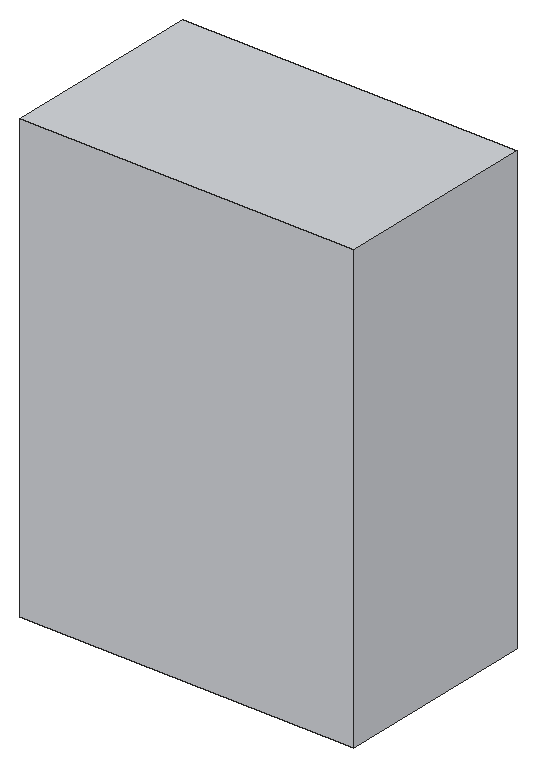
Revit family
Parameters
  hook [instance] = h - 1  # 3
  h [instance] = Unit Width / 0' 8 179/256"  # 4
  ed [instance] = 0' - 7 1/2"
  Warranty Duration (Years) = 0
  Unit Width [instance] = 3' - 0"
  Unit Height [instance] = 0' - 0"
  Unit Depth = 0' - 0"
  URL = "http://www.americanspecialties.com/viewCategories.cfm"
  Trim Material = Rubber
  Test Data = ""
  Specification = "http://www.arcat.com/sdspecs/htm/10810asi.htm"
  SpecWizard = ""
  Send Message = "http://www.arcat.com/users.pl?action=UserEmail&company=American%20Specialties,%20Inc.&coid=30448&rep=139&fax=914-476-0688&mf="
  Sales Information = "http://www.americanspecialties.com/contact"
  Revision = "R1_10-2010"
  Product Properties = "http://www.americanspecialties.com/datasheets/13151.pdf"
  Product Data = "http://www.arcat.com/arcatcos/cos30/arc30448.html"
  Model = "As Specified in 10 28 13"
  Manufacturer Website = "http://www.americanspecialties.com/viewCategories.cfm"
  Manufacturer Phone - Toll Free = ""
  Manufacturer Phone = "914-476-9000 "
  Manufacturer Fax = "914-476-0688"
  Manufacturer Address = "441 Saw Mill River Rd., Yonkers, NY 10701"
  Manufacturer = "American Specialties, Inc."
  Maintenance Schedule (Months) = 0
  Keynote = "10 28 13"
  Installation-Fabrication = "http://www.americanspecialties.com/products.cfm"
  Green Building-LEED = ""
  Expected Lifespan (Years) = 0
  Drawn By = "Robert S. Weygant. CSI, CDT, SCIP"  # constant formula
  Description = "Toilet Accessory as Specified in 10 28 13"
  Default Elevation = 4' - 0"
  Copyright = "©Arcat Inc."
  Construction Details = "http://www.arcat.com/green/clients/leed_data_30448.html"
  Building Codes = "http://www.americanspecialties.com/products.cfm"
  Body Material = Metal - Stainless Steel
  Assembly Code = "C1030210"
Reference planes (in)
  plane 1 "Center (Front/Back)": y = -0.29112
  plane 2 "Floor Line": z = 0
  plane 3 "Center (Left/Right)": x = -0.65843
Forms (in)
  Extrusion 1, solid
    sketch origin (-3, -9, -6) x (0, 0, -1) y (1, 0, 0)
      loop
        line (-82, 56.90407) -> (-82, -0.06991) -> (-6, -0.06991) -> (-6, 56.90407) -> (-82, 56.90407)
    from 9 to -25.60721
  Extrusion 2, solid, material "Metal - Stainless Steel" <- "Body Material"
    sketch origin (-14.31405, -2.48146, -2.61605) x (1, 0, 0) y (0, 0, 1)
      loop
        line (15.15562, 10.61605) -> (18.15562, 10.61605) -> (18.15562, 11.46368) -> (18.03062, 11.46368) -> (18.03062, 10.74105) -> (15.28062, 10.74105) -> (15.28062, 12.51646) -> (15.15562, 12.51646) -> (15.15562, 10.61605)
    from -1.5 to -2.88069
  Extrusion 3, solid, material "Rubber" <- "Trim Material"
    sketch origin (1.375, 0, 4.5) x (1, 0, 0) y (0, 1, 0)
      loop
        arc (1.71876, -0.00164) -> (1.38167, 0.05154) -> (1.04802, -0.02014) r 0.93233
        arc (1.04802, -0.02014) -> (0.90772, -0.07915) -> (0.79313, -0.17932) r 0.47745
        arc (0.79313, -0.17932) -> (0.82811, -0.32067) -> (0.6876, -0.35889) r 0.10417
        arc (0.6876, -0.35889) -> (0.5665, -0.32788) -> (0.49553, -0.22496) r 0.1783
        line (0.49553, -0.22496) -> (0.30272, -0.22496) -> (0.30272, -0.4268)
        arc (0.30272, -0.4268) -> (1.23821, -1.05205) -> (2.33702, -0.8097) r 1.43411
        arc (2.33702, -0.8097) -> (2.14783, -0.3139) -> (1.71876, -0.00164) r 0.93233
    from 3.70633 to 5.00782
  Extrusion 4, solid, material "Rubber" <- "Trim Material"
    sketch origin (1.5, 0, 4.5) x (1, 0, 0) y (0, 1, 0)
      loop
        circle (1.63426, -0.62262) r 0.25
    from 5.00782 to 5.1404
  Extrusion 5, solid, material "Rubber" <- "Trim Material"
    sketch origin (1.5, 0, 4.5) x (1, 0, 0) y (0, 1, 0)
      loop
        circle (0.52944, 0.16479) r 0.08601
      loop
        circle (1.83175, 0.16479) r 0.08601
    from 3.625 to 3.70633
  Extrusion 6, solid, material "Metal - Stainless Steel" <- "Body Material"
    sketch origin (-21.18977, -9.04016, 8) x (0, -1, 0) y (1, 0, 0)
      loop
        line (-7.49904, 20.53134) -> (-7.49904, 56.53134) -> (-9.99904, 56.53134) -> (-9.99904, 20.53134) -> (-7.49904, 20.53134)
    from 0 to -8
  Extrusion 7, solid, material "Metal - Stainless Steel" <- "Body Material"
    sketch origin (5.84157, -1.91667, -2.5) x (0, 1, 0) y (0, 0, 1)
      loop
        line (0.37555, 2.5) -> (0.37555, 7.16667) -> (-3.12445, 2.5) -> (0.37555, 2.5)
    from -2.5 to -4.5
  Extrusion 8, solid, material "Metal - Stainless Steel" <- "Body Material"
    sketch origin (7.84157, 9.56851, 0.88204) x (0, 1, 0) y (0, 0, 1)
      loop
        arc (-8.86039, 7.11796) -> (-8.82914, 7.14921) -> (-8.86039, 7.18046) r 0.03125
        line (-8.86039, 7.18046) -> (-11.60347, 7.18046)
        arc (-11.60347, 7.18046) -> (-12.01131, 7.68046) -> (-11.60347, 8.18046) r 0.51041
        line (-11.60347, 8.18046) -> (-11.19811, 8.18046) -> (-11.19811, 8.24296) -> (-11.60963, 8.24296)
        arc (-11.60963, 8.24296) -> (-12.07381, 7.68046) -> (-11.60963, 7.11796) r 0.57291
        line (-11.60963, 7.11796) -> (-8.86039, 7.11796)
    from 0 to -1
  Extrusion 9, solid, material "Metal - Stainless Steel" <- "Body Material"
    sketch origin (15.68595, -2.48146, -2.61605) x (1, 0, 0) y (0, 0, 1)
      loop
        line (15.15562, 10.61605) -> (18.15562, 10.61605) -> (18.15562, 11.46368) -> (18.03062, 11.46368) -> (18.03062, 10.74105) -> (15.28062, 10.74105) -> (15.28062, 12.51646) -> (15.15562, 12.51646) -> (15.15562, 10.61605)
    from -1.5 to -2.88069
  Extrusion 10, solid, material "Rubber" <- "Trim Material"
    sketch origin (31.375, 0, 4.5) x (1, 0, 0) y (0, 1, 0)
      loop
        arc (1.71876, -0.00164) -> (1.38167, 0.05154) -> (1.04802, -0.02014) r 0.93233
        arc (1.04802, -0.02014) -> (0.90772, -0.07915) -> (0.79313, -0.17932) r 0.47745
        arc (0.79313, -0.17932) -> (0.82811, -0.32067) -> (0.6876, -0.35889) r 0.10417
        arc (0.6876, -0.35889) -> (0.5665, -0.32788) -> (0.49553, -0.22496) r 0.1783
        line (0.49553, -0.22496) -> (0.30272, -0.22496) -> (0.30272, -0.4268)
        arc (0.30272, -0.4268) -> (1.23821, -1.05205) -> (2.33702, -0.8097) r 1.43411
        arc (2.33702, -0.8097) -> (2.14783, -0.3139) -> (1.71876, -0.00164) r 0.93233
    from 3.70633 to 5.00782
  Extrusion 11, solid, material "Rubber" <- "Trim Material"
    sketch origin (31.5, 0, 4.5) x (1, 0, 0) y (0, 1, 0)
      loop
        circle (1.63426, -0.62262) r 0.25
    from 5.00782 to 5.1404
  Extrusion 12, solid, material "Rubber" <- "Trim Material"
    sketch origin (31.5, 0, 4.5) x (1, 0, 0) y (0, 1, 0)
      loop
        circle (0.52944, 0.16479) r 0.08601
      loop
        circle (1.83175, 0.16479) r 0.08601
    from 3.625 to 3.70633
  Extrusion 13, solid, material "Metal - Stainless Steel" <- "Body Material"
    sketch origin (-4.31405, -2.48146, -2.61605) x (1, 0, 0) y (0, 0, 1)
      loop
        line (15.15562, 10.61605) -> (18.15562, 10.61605) -> (18.15562, 11.46368) -> (18.03062, 11.46368) -> (18.03062, 10.74105) -> (15.28062, 10.74105) -> (15.28062, 12.51646) -> (15.15562, 12.51646) -> (15.15562, 10.61605)
    from -1.5 to -2.88069
  Extrusion 14, solid, material "Rubber" <- "Trim Material"
    sketch origin (11.375, 0, 4.5) x (1, 0, 0) y (0, 1, 0)
      loop
        arc (1.71876, -0.00164) -> (1.38167, 0.05154) -> (1.04802, -0.02014) r 0.93233
        arc (1.04802, -0.02014) -> (0.90772, -0.07915) -> (0.79313, -0.17932) r 0.47745
        arc (0.79313, -0.17932) -> (0.82811, -0.32067) -> (0.6876, -0.35889) r 0.10417
        arc (0.6876, -0.35889) -> (0.5665, -0.32788) -> (0.49553, -0.22496) r 0.1783
        line (0.49553, -0.22496) -> (0.30272, -0.22496) -> (0.30272, -0.4268)
        arc (0.30272, -0.4268) -> (1.23821, -1.05205) -> (2.33702, -0.8097) r 1.43411
        arc (2.33702, -0.8097) -> (2.14783, -0.3139) -> (1.71876, -0.00164) r 0.93233
    from 3.70633 to 5.00782
  Extrusion 15, solid, material "Rubber" <- "Trim Material"
    sketch origin (11.5, 0, 4.5) x (1, 0, 0) y (0, 1, 0)
      loop
        circle (1.63426, -0.62262) r 0.25
    from 5.00782 to 5.1404
  Extrusion 16, solid, material "Rubber" <- "Trim Material"
    sketch origin (11.5, 0, 4.5) x (1, 0, 0) y (0, 1, 0)
      loop
        circle (0.52944, 0.16479) r 0.08601
      loop
        circle (1.83175, 0.16479) r 0.08601
    from 3.625 to 3.70633
  Extrusion 17, solid, material "Metal - Stainless Steel" <- "Body Material"
    sketch origin (22.84157, -1.91667, -2.5) x (0, 1, 0) y (0, 0, -1)
      loop
        line (0.37555, -2.5) -> (-3.12445, -2.5) -> (0.37555, -7.16667) -> (0.37555, -2.5)
    from -8.5 to -10.5
  Extrusion 18, solid, material "Metal - Stainless Steel" <- "Body Material"
    sketch origin (-0.65843, 0, 0) x (0, 1, 0) y (0, 0, 1)
      loop
        circle (-1.79112, 3.25) r 0.125
    from 2 to 34
  Extrusion 19, solid, material "Metal - Stainless Steel" <- "Body Material"
    sketch origin (27.84157, 9.56851, 0.88204) x (0, 1, 0) y (0, 0, 1)
      loop
        arc (-8.86039, 7.11796) -> (-8.82914, 7.14921) -> (-8.86039, 7.18046) r 0.03125
        line (-8.86039, 7.18046) -> (-11.60347, 7.18046)
        arc (-11.60347, 7.18046) -> (-12.01131, 7.68046) -> (-11.60347, 8.18046) r 0.51041
        line (-11.60347, 8.18046) -> (-11.19811, 8.18046) -> (-11.19811, 8.24296) -> (-11.60963, 8.24296)
        arc (-11.60963, 8.24296) -> (-12.07381, 7.68046) -> (-11.60963, 7.11796) r 0.57291
        line (-11.60963, 7.11796) -> (-8.86039, 7.11796)
    from 0 to -1
  Extrusion 20, solid, material "Metal - Stainless Steel" <- "Body Material"
    sketch origin (5.68595, -2.48146, -2.61605) x (1, 0, 0) y (0, 0, 1)
      loop
        line (15.15562, 10.61605) -> (18.15562, 10.61605) -> (18.15562, 11.46368) -> (18.03062, 11.46368) -> (18.03062, 10.74105) -> (15.28062, 10.74105) -> (15.28062, 12.51646) -> (15.15562, 12.51646) -> (15.15562, 10.61605)
    from -1.5 to -2.88069
  Extrusion 21, solid, material "Rubber" <- "Trim Material"
    sketch origin (21.375, 0, 4.5) x (1, 0, 0) y (0, 1, 0)
      loop
        arc (1.71876, -0.00164) -> (1.38167, 0.05154) -> (1.04802, -0.02014) r 0.93233
        arc (1.04802, -0.02014) -> (0.90772, -0.07915) -> (0.79313, -0.17932) r 0.47745
        arc (0.79313, -0.17932) -> (0.82811, -0.32067) -> (0.6876, -0.35889) r 0.10417
        arc (0.6876, -0.35889) -> (0.5665, -0.32788) -> (0.49553, -0.22496) r 0.1783
        line (0.49553, -0.22496) -> (0.30272, -0.22496) -> (0.30272, -0.4268)
        arc (0.30272, -0.4268) -> (1.23821, -1.05205) -> (2.33702, -0.8097) r 1.43411
        arc (2.33702, -0.8097) -> (2.14783, -0.3139) -> (1.71876, -0.00164) r 0.93233
    from 3.70633 to 5.00782
  Extrusion 22, solid, material "Rubber" <- "Trim Material"
    sketch origin (21.5, 0, 4.5) x (1, 0, 0) y (0, 1, 0)
      loop
        circle (1.63426, -0.62262) r 0.25
    from 5.00782 to 5.1404
  Extrusion 23, solid, material "Rubber" <- "Trim Material"
    sketch origin (21.5, 0, 4.5) x (1, 0, 0) y (0, 1, 0)
      loop
        circle (0.52944, 0.16479) r 0.08601
      loop
        circle (1.83175, 0.16479) r 0.08601
    from 3.625 to 3.70633
  Extrusion 24, solid, material "Metal - Stainless Steel" <- "Body Material"
    sketch origin (17.84157, 9.56851, 0.88204) x (0, 1, 0) y (0, 0, 1)
      loop
        arc (-8.86039, 7.11796) -> (-8.82914, 7.14921) -> (-8.86039, 7.18046) r 0.03125
        line (-8.86039, 7.18046) -> (-11.60347, 7.18046)
        arc (-11.60347, 7.18046) -> (-12.01131, 7.68046) -> (-11.60347, 8.18046) r 0.51041
        line (-11.60347, 8.18046) -> (-11.19811, 8.18046) -> (-11.19811, 8.24296) -> (-11.60963, 8.24296)
        arc (-11.60963, 8.24296) -> (-12.07381, 7.68046) -> (-11.60963, 7.11796) r 0.57291
        line (-11.60963, 7.11796) -> (-8.86039, 7.11796)
    from 0 to -1
Dimensions and locks (in)
  "Unit Width": Extrusion 6 to Extrusion 6
  locked: Extrusion 6 to Extrusion 2 at 1.5
  locked: Extrusion 9 to Extrusion 6 at 1.5
  locked: Extrusion 17 to Extrusion 6 at 2
  locked: Extrusion 6 to Extrusion 7 at 2
  locked: Extrusion 17 to Extrusion 17 at 2
  locked: Extrusion 7 to Extrusion 7 at 2
  "ed": Extrusion 6 to Extrusion 8
  equal spacing: group 1, group 3, group 2  (x3)
  "ed": Extrusion 19 to Extrusion 6
  aligned and locked: Extrusion 1 to level
  aligned and locked: Extrusion 3 to Extrusion 4
  aligned and locked: Extrusion 10 to Extrusion 11
  aligned and locked: Extrusion 14 to Extrusion 15
  aligned and locked: Extrusion 7 to Extrusion 18
  aligned and locked: Extrusion 17 to Extrusion 18
  aligned and locked: Extrusion 21 to Extrusion 22
Automatic sketch dimensions
  Extrusion 1 sketch curve to Extrusion 1 sketch curve = 6' - 4"
  Extrusion 1 sketch curve to Extrusion 1 sketch curve = 4' - 8.97398"
  Extrusion 6 sketch curve to plane 3 "Center (Left/Right)" = 0' - 0"
  Extrusion 6 sketch curve to plane 1 "Center (Front/Back)" = 0' - 1 1/4"
  plane 1 "Center (Front/Back)" to Extrusion 6 sketch curve = 0' - 1 1/4"
  plane 3 "Center (Left/Right)" to Extrusion 6 sketch curve = 3' - 0"
  Extrusion 7 sketch curve to level = 0' - 0"
  plane 1 "Center (Front/Back)" to Extrusion 7 sketch curve = 0' - 4 3/4"
  plane 1 "Center (Front/Back)" to Extrusion 7 sketch curve = 0' - 1 1/4"
  level to Extrusion 7 sketch curve = 0' - 4.66667"
  Extrusion 17 sketch curve to level = 0' - 0"
  plane 1 "Center (Front/Back)" to Extrusion 17 sketch curve = 0' - 4 3/4"
  plane 1 "Center (Front/Back)" to Extrusion 17 sketch curve = 0' - 1 1/4"
  level to Extrusion 17 sketch curve = 0' - 4.66667"
  plane 1 "Center (Front/Back)" to Extrusion 18 sketch curve = 0' - 1 1/2"
  level to Extrusion 18 sketch curve = 0' - 3 1/4"
  radius of Extrusion 18 sketch curve = 0' - 0 1/8"
